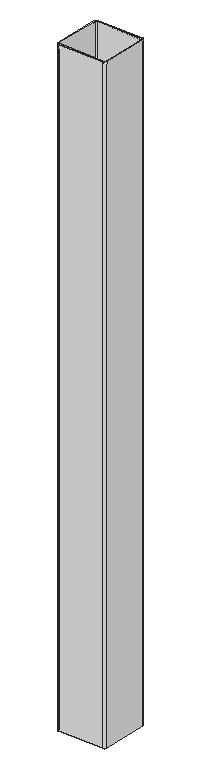
Revit family
Parameters (values of type "200x200xSHS")
  기둥 재료 [instance] = 금속 - 스틸 - 345 MPa
  A = 38.70 m²
  Ix = 0
  M = 30.4
  Zx = 0
  b = 200 mm
  h = 200 mm
  tr = 2 * t  # 10 mm
  t = 5 mm
Reference planes
  plane 1 "중심(앞/뒤)": y = 0
  plane 2: z = 0
  plane 3 "중심(왼쪽/오른쪽)": x = 0
  plane 4: x = -100
  plane 5: x = 100
  plane 6: y = 100
  plane 7: y = -100
  plane 8: x = -90
  plane 9: y = -90
  plane 10: y = 90
  plane 11: x = 90
Forms (mm)
  Extrusion 1, solid, material "금속 - 스틸 - 345 MPa" <- "기둥 재료", detail levels medium
    sketch origin (0, 0, 0) x (1, 0, 0) y (0, 1, 0)
      loop
        line (-100, 100) -> (-100, -100) -> (100, -100) -> (100, 100) -> (-100, 100)
      loop
        line (-95, 95) -> (-95, -95) -> (95, -95) -> (95, 95) -> (-95, 95)
    from 0 to 2500
  Extrusion 2, solid, material "금속 - 스틸 - 345 MPa" <- "기둥 재료", detail levels fine
    sketch origin (0, 0, 0) x (1, 0, 0) y (0, 1, 0)
      loop
        arc (-90, 100) -> (-97.071, 97.071) -> (-100, 90) r 10
        line (-100, 90) -> (-100, -90)
        arc (-100, -90) -> (-97.071, -97.071) -> (-90, -100) r 10
        line (-90, -100) -> (90, -100)
        arc (90, -100) -> (97.071, -97.071) -> (100, -90) r 10
        line (100, -90) -> (100, 90)
        arc (100, 90) -> (97.071, 97.071) -> (90, 100) r 10
        line (90, 100) -> (-90, 100)
      loop
        arc (-90, 95) -> (-93.536, 93.536) -> (-95, 90) r 5
        line (-95, 90) -> (-95, -90)
        arc (-95, -90) -> (-93.536, -93.536) -> (-90, -95) r 5
        line (-90, -95) -> (90, -95)
        arc (90, -95) -> (93.536, -93.536) -> (95, -90) r 5
        line (95, -90) -> (95, 90)
        arc (95, 90) -> (93.536, 93.536) -> (90, 95) r 5
        line (90, 95) -> (-90, 95)
    from 0 to 2500
Lines and regions (mm)
  symbolic lines, style "StructuralColumnStickSymbols", detail levels coarse
    curve 1: line (-100, 100, 0) -> (100, 100, 0)
    curve 2: line (-100, -100, 0) -> (100, -100, 0)
    curve 5: line (-100, 100, 0) -> (-100, -100, 0)
    curve 6: line (100, 100, 0) -> (100, -100, 0)
  symbolic lines, style "숨겨진 면", detail levels medium+fine
    curve 3: line (-95, 0, 0) -> (-95, 0, 2500)
    curve 4: line (95, 0, 2500) -> (95, 0, 0)
Dimensions and locks
  equal spacing: plane 4, plane 3 "중심(왼쪽/오른쪽)", plane 5
  equal spacing: plane 7, plane 1 "중심(앞/뒤)", plane 6
  "h": plane 7 to plane 6
  "b": plane 4 to plane 5
  "t": Extrusion 1 sketch curve to plane 5
  "t": plane 4 to Extrusion 1 sketch curve
  "t": Extrusion 1 sketch curve to plane 6
  "t": Extrusion 1 sketch curve to plane 7
  "t": Extrusion 2 sketch curve to plane 6
  "t": Extrusion 2 sketch curve to plane 5
  "t": plane 4 to Extrusion 2 sketch curve
  "t": Extrusion 2 sketch curve to plane 7
  "tr": plane 10 to plane 6
  "tr": plane 7 to plane 9
  "tr": plane 11 to plane 5
  "tr": plane 4 to plane 8
  aligned and locked: plane 6 to Extrusion 1 sketch curve
  aligned and locked: Extrusion 1 sketch curve to plane 7
  aligned and locked: Extrusion 1 sketch curve to plane 4
  aligned and locked: plane 5 to Extrusion 1 sketch curve
  aligned and locked: level to Extrusion 1
  aligned and locked: level to plane 2
  aligned and locked: Extrusion 1 to plane 2
  aligned and locked: curve 1 to Extrusion 2 sketch curve
  aligned and locked: Extrusion 2 sketch curve to Extrusion 1
  aligned and locked: level to Extrusion 2
  aligned and locked: curve 4 to Extrusion 2
  aligned and locked: curve 3 to Extrusion 2
Automatic sketch dimensions
  Extrusion 2 sketch curve to plane 8 = 0 mm  (x4)
  Extrusion 2 sketch curve to plane 7 = 0 mm
  Extrusion 2 sketch curve to plane 11 = 0 mm
  Extrusion 2 sketch curve to plane 10 = 0 mm  (x2)
  Extrusion 2 sketch curve to plane 9 = 0 mm  (x2)
  curve 3 to level = 0 mm  (x2)
  curve 4 to level = 0 mm  (x2)
  curve 5 to plane 4 = 0 mm
  curve 2 to plane 5 = 0 mm
  curve 5 to plane 7 = 0 mm
  curve 5 to plane 6 = 0 mm
